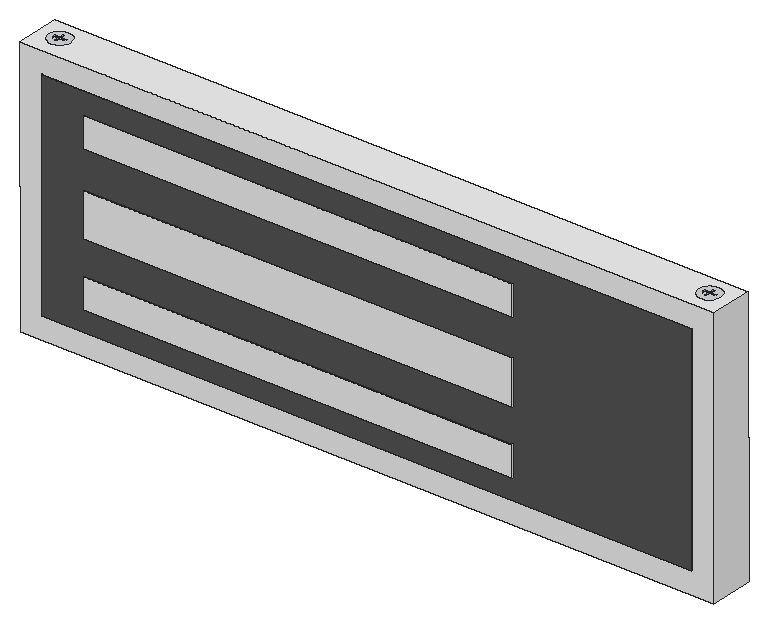
Revit family "DOOR MAGNETIC LOCK", category Security Devices, Revit 2019
Family settings
  Maintain Annotation Orientation = No
  Round Connector Dimension = Use Diameter
  Part Type = Normal
  Work Plane-Based = No
  Always vertical = Yes
  Cut with Voids When Loaded = No
  Shared = No
  Room Calculation Point = No
Parameters
  WIDTH = 76.2 mm
  LENGTH = 203.2 mm
  INTERIOR FINISH [instance] = INTERIOR FINISH
  EXTERIOR FINISH [instance] = EXTERIOR FINISH
  DEPTH = 12.7 mm
  Angle 90 [instance] = yes
  Angle 0 [instance] = yes
Reference planes
  plane 1 "Center (Front/Back)": y = 0
  plane 2: z = 0
  plane 3 "Center (Left/Right)": x = 0
  plane 4: z = 38.1
  plane 5: z = -38.1
  plane 6: x = -101.6
  plane 7: x = 101.6
  plane 8: y = -12.7
  plane 9: y = -6.35
  plane 10: x = -95.25
  plane 11: x = 95.25
  plane 12: z = 31.75
  plane 13: z = -31.75
  plane 14: y = -12.898
  plane 15: z = 25.4
  plane 16: z = 16.669
  plane 17: z = 0
  plane 18: z = -12.7
  plane 19: z = -25.4
  plane 20: x = -82.55
  plane 21: x = 42.863
  plane 22: y = -13.097
Forms (mm)
  Extrusion 1, solid, material "EXTERIOR FINISH" <- "EXTERIOR FINISH"
    sketch origin (0, 0, 0) x (1, 0, 0) y (0, 0, 1)
      loop
        line (-101.6, 38.1) -> (-101.6, -38.1) -> (101.6, -38.1) -> (101.6, 38.1) -> (-101.6, 38.1)
    from 0 to 12.7
  Extrusion 2, solid, material "INTERIOR FINISH" <- "INTERIOR FINISH"
    sketch origin (0, 0, 0) x (1, 0, 0) y (0, 0, 1)
      loop
        line (-95.25, 31.75) -> (-95.25, -31.75) -> (95.25, -31.75) -> (95.25, 31.75) -> (-95.25, 31.75)
    from 12.7 to 12.898
  Extrusion 3, solid, material "EXTERIOR FINISH" <- "EXTERIOR FINISH"
    sketch origin (0, 0, 0) x (1, 0, 0) y (0, 0, 1)
      loop
        line (-82.55, 25.4) -> (-82.55, 16.669) -> (42.863, 16.669) -> (42.863, 25.4) -> (-82.55, 25.4)
      loop
        line (-82.55, 5.815) -> (-82.55, -6.885) -> (42.863, -6.885) -> (42.863, 5.815) -> (-82.55, 5.815)
      loop
        line (-82.55, -16.807) -> (-82.55, -25.538) -> (42.863, -25.538) -> (42.863, -16.807) -> (-82.55, -16.807)
    from 12.898 to 13.097
  Extrusion 4, void
    sketch origin (0, 0, 0) x (1, 0, 0) y (0, 1, 0)
      loop
        circle (-95.25, -6.35) r 1.653
    from 31.75 to 38.1
  Extrusion 5, void
    sketch origin (0, 0, 0) x (-1, 0, 0) y (0, -1, 0)
      loop
        circle (-95.25, 6.35) r 1.653
    from 31.75 to 38.1
Cuts and joins
  Extrusion 4, Extrusion 5 cuts Extrusion 1
Dimensions and locks
  equal spacing: plane 4, level, plane 5
  "WIDTH": plane 4 to plane 5
  equal spacing: plane 7, plane 3 "Center (Left/Right)", plane 6
  "LENGTH": plane 7 to plane 6
  "DEPTH": plane 8 to plane 1 "Center (Front/Back)"
  equal spacing: plane 1 "Center (Front/Back)", plane 9, plane 8
  locked: plane 10 to plane 6 at 6.35
  locked: plane 11 to plane 7 at 6.35
  locked: plane 13 to plane 5 at 6.35
  locked: plane 4 to plane 12 at 6.35
  plane 8 to plane 14 = 0.198 mm
  locked: plane 8 to plane 1 "Center (Front/Back)" at 12.7
  aligned and locked: plane 2 to level
  aligned and locked: Extrusion 1 sketch curve to plane 4
  aligned and locked: plane 6 to Extrusion 1 sketch curve
  aligned and locked: Extrusion 1 sketch curve to plane 5
  aligned and locked: plane 7 to Extrusion 1 sketch curve
  aligned and locked: Extrusion 1 to plane 8
  aligned and locked: Extrusion 1 to plane 1 "Center (Front/Back)"
  aligned and locked: Extrusion 2 sketch curve to plane 12
  aligned and locked: plane 10 to Extrusion 2 sketch curve
  aligned and locked: Extrusion 2 sketch curve to plane 13
  aligned and locked: plane 11 to Extrusion 2 sketch curve
  aligned and locked: Extrusion 2 to plane 14
  aligned and locked: Extrusion 2 to Extrusion 1
  aligned and locked: Extrusion 3 sketch curve to plane 15
  aligned and locked: plane 20 to Extrusion 3 sketch curve
  aligned and locked: plane 16 to Extrusion 3 sketch curve
  aligned and locked: plane 21 to Extrusion 3 sketch curve
  aligned and locked: plane 22 to Extrusion 3
  aligned and locked: Extrusion 1 to Extrusion 4
  aligned and locked: Extrusion 4 to Extrusion 2
  aligned and locked: cut or joined group of Extrusion 1, Extrusion 4, Extrusion 5 to plane 1 "Center (Front/Back)"
  aligned and locked: cut or joined group of Extrusion 1, Extrusion 4, Extrusion 5 to plane 8
  aligned and locked: plane 14 to Extrusion 2
  aligned and locked: Extrusion 3 to plane 22
  aligned and locked: cut or joined group of Extrusion 1, Extrusion 4, Extrusion 5 to plane 6
  aligned and locked: cut or joined group of Extrusion 1, Extrusion 4, Extrusion 5 to plane 7
Automatic sketch dimensions
  Extrusion 3 sketch curve to plane 20 = 0 mm  (x2)
  plane 21 to Extrusion 3 sketch curve = 0 mm  (x2)
  level to Extrusion 3 sketch curve = 5.815 mm
  Extrusion 3 sketch curve to plane 18 = 5.815 mm
  plane 18 to Extrusion 3 sketch curve = 4.107 mm
  plane 19 to Extrusion 3 sketch curve = 0.138 mm
  Extrusion 4 sketch curve to plane 9 = 0 mm
  Extrusion 4 sketch curve to plane 10 = 0 mm
  Extrusion 5 sketch curve to plane 9 = 0 mm
  Extrusion 5 sketch curve to plane 11 = 0 mm
  radius of Extrusion 4 sketch curve = 1.653 mm
  radius of Extrusion 5 sketch curve = 1.653 mm
Nested families
  nested 1: "SCREW" at (95.25, -6.152, 33.278), type "SCREW"
  nested 2: "SCREW" at (-95.25, -6.152, 33.278) x (-1, 0, 0) z (0, 0, 1), type "SCREW"
  nested 3: "Family1" at (0, 0, 0), Angle 0 <- "Angle 0", Angle 90 <- "Angle 90", type "Family1"
Definition of nested family "SCREW"
  Reference planes
    plane 1 "Center (Front/Back)": y = 0
    plane 2: z = 0
    plane 3 "Center (Left/Right)": x = 0
    plane 4: z = 5.02
    plane 5: y = 100.307
    plane 6: y = -100.307
    plane 7: x = 99.808
    plane 8: x = -99.808
    plane 9 "1/16"": x = 1.588
    plane 10: x = -1.587
    plane 11: x = 1.837
    plane 12: x = -1.837
    plane 13: y = -1.439
    plane 14: y = 1.439
    plane 15: z = 3.79
    plane 16: y = 0.397
    plane 17: y = -0.397
    plane 18: x = 0.403
    plane 19: x = -0.403
  Forms (mm)
    Blend 1, solid
      base sketch origin (0, 0, 0) x (1, 0, 0) y (0, 1, 0)
        loop
          circle (0, 0) r 0.794
      top sketch origin (0, 0, 0) x (1, 0, 0) y (0, 1, 0)
        loop
          circle (0, 0) r 3.175
      from 3.79 to 5.02
    Extrusion 2, void
      sketch origin (0, 0, 0) x (1, 0, 0) y (0, 1, 0)
        loop
          line (-1.837, 0.397) -> (-1.837, -0.397) -> (-0.403, -0.397) -> (-0.403, -1.439) -> (0.403, -1.439) -> (0.403, -0.397) -> (1.837, -0.397) -> (1.837, 0.397) -> (0.403, 0.397) -> (0.403, 1.439) -> (-0.403, 1.439) -> (-0.403, 0.397) -> (-1.837, 0.397)
      from 4.799 to 5.02
    Extrusion 3, solid
      sketch origin (0, 0, 0) x (1, 0, 0) y (0, 1, 0)
        loop
          circle (0, 0) r 0.794
      from 3.587 to 3.79
  Cuts and joins
    Extrusion 2 cuts Blend 1
  Dimensions and locks
    equal spacing: plane 6, plane 1 "Center (Front/Back)", plane 5
    equal spacing: plane 8, plane 3 "Center (Left/Right)", plane 7
    plane 8 to plane 7 = 199.615 mm
    plane 3 "Center (Left/Right)" to plane 9 "1/16"" = 1.588 mm
    plane 13 to plane 1 "Center (Front/Back)" = 1.439 mm
    locked: plane 4 to plane 15 at 1.23
    equal spacing: plane 16, plane 1 "Center (Front/Back)", plane 17
    equal spacing: plane 19, plane 3 "Center (Left/Right)", plane 18
    equal spacing: plane 12, plane 3 "Center (Left/Right)", plane 11
    equal spacing: plane 14, plane 1 "Center (Front/Back)", plane 13
    aligned and locked: plane 2 to level
    aligned and locked: Blend 1 to Extrusion 2
    aligned and locked: plane 4 to cut or joined group of Blend 1, Extrusion 2
    aligned and locked: plane 14 to Extrusion 2 sketch curve
    aligned and locked: Extrusion 2 sketch curve to plane 11
    aligned and locked: plane 13 to Extrusion 2 sketch curve
    aligned and locked: Extrusion 2 sketch curve to plane 12
    aligned and locked: Extrusion 2 sketch curve to plane 16  (x2)
    aligned and locked: plane 17 to Extrusion 2 sketch curve  (x2)
    aligned and locked: Extrusion 2 sketch curve to plane 19  (x2)
    aligned and locked: Extrusion 2 sketch curve to plane 18  (x2)
Definition of nested family "Family1"
  Parameters (values of type "Family1")
    Angle 90 [instance] = yes
    Angle 0 [instance] = yes
  Reference planes
    plane 1 "Center (Front/Back)": y = 0
    plane 2: z = 0
    plane 3 "Center (Left/Right)": x = 0
  Lines and regions (mm)
    Filled region 1, type "Concrete", in view "Ref. Level", visible <- "Angle 0"
      outline origin (12.5, 0, 0) x (1, 0, 0) y (0, 1, 0)
        loop
          line (-102.844, -34.453) -> (-102.844, -138.453) -> (-65.956, -138.453)
          arc (-65.956, -138.453) -> (-13.956, -86.453) -> (-65.956, -34.453) r 52
          line (-65.956, -34.453) -> (-102.844, -34.453)
        loop
          line (-65.956, -46.453) -> (-91.286, -46.453) -> (-91.286, -126.453) -> (-65.956, -126.453)
          arc (-65.956, -126.453) -> (-25.956, -86.453) -> (-65.956, -46.453) r 40
    Filled region 2, type "Concrete", in view "Ref. Level", visible <- "Angle 0"
      outline origin (27.5, 2.5, 0) x (1, 0, 0) y (0, 1, 0)
        loop
          line (4.805, -135) -> (68.299, -135) -> (68.299, -122.13) -> (17.149, -122.13) -> (17.149, -40) -> (4.805, -40) -> (4.805, -135)
    Filled region 3, type "Concrete", in view "Ref. Level", visible <- "Angle 90"
      outline origin (351.673, -315.071, 0) x (0, 1, 0) y (-1, 0, 0)
        loop
          line (278.118, 255.057) -> (278.118, 291.945)
          arc (278.118, 291.945) -> (226.118, 343.945) -> (174.118, 291.945) r 52
          line (174.118, 291.945) -> (174.118, 255.057) -> (278.118, 255.057)
        loop
          arc (266.118, 291.945) -> (226.118, 331.945) -> (186.118, 291.945) r 40
          line (186.118, 291.945) -> (186.118, 266.616) -> (266.118, 266.616) -> (266.118, 291.945)
    Filled region 4, type "Concrete", in view "Ref. Level", visible <- "Angle 90"
      outline origin (336.673, -312.571, 0) x (0, 1, 0) y (-1, 0, 0)
        loop
          line (177.571, 362.706) -> (272.571, 362.706) -> (272.571, 375.05) -> (190.441, 375.05) -> (190.441, 426.201) -> (177.571, 426.201) -> (177.571, 362.706)
    Filled region 5, type "Concrete", in view "Ref. Level", visible <- "Angle 90", not visible
      outline origin (351.673, -315.071, 0) x (0, 1, 0) y (-1, 0, 0)
        loop
          line (-34.453, -102.844) -> (-34.453, -65.956)
          arc (-34.453, -65.956) -> (-86.453, -13.956) -> (-138.453, -65.956) r 52
          line (-138.453, -65.956) -> (-138.453, -102.844) -> (-34.453, -102.844)
        loop
          arc (-46.453, -65.956) -> (-86.453, -25.956) -> (-126.453, -65.956) r 40
          line (-126.453, -65.956) -> (-126.453, -91.286) -> (-46.453, -91.286) -> (-46.453, -65.956)
    Filled region 6, type "Concrete", in view "Ref. Level", visible <- "Angle 90", not visible
      outline origin (336.673, -312.571, 0) x (0, 1, 0) y (-1, 0, 0)
        loop
          line (-135, 4.805) -> (-40, 4.805) -> (-40, 17.149) -> (-122.13, 17.149) -> (-122.13, 68.299) -> (-135, 68.299) -> (-135, 4.805)
    Filled region 7, type "Concrete", in view "Ref. Level", visible <- "Angle 0", not visible
      outline origin (12.5, 0, 0) x (1, 0, 0) y (0, 1, 0)
        loop
          line (-102.844, -34.453) -> (-102.844, -138.453) -> (-65.956, -138.453)
          arc (-65.956, -138.453) -> (-13.956, -86.453) -> (-65.956, -34.453) r 52
          line (-65.956, -34.453) -> (-102.844, -34.453)
        loop
          line (-65.956, -46.453) -> (-91.286, -46.453) -> (-91.286, -126.453) -> (-65.956, -126.453)
          arc (-65.956, -126.453) -> (-25.956, -86.453) -> (-65.956, -46.453) r 40
    Filled region 8, type "Concrete", in view "Ref. Level", visible <- "Angle 0", not visible
      outline origin (27.5, 2.5, 0) x (1, 0, 0) y (0, 1, 0)
        loop
          line (4.805, -135) -> (68.299, -135) -> (68.299, -122.13) -> (17.149, -122.13) -> (17.149, -40) -> (4.805, -40) -> (4.805, -135)
    detail lines, in view "Ref. Level"
      curve 1: line (-133, 0, 0) -> (133, 0, 0)
      curve 2: line (-133, -175, 0) -> (-133, 0, 0)
      curve 3: line (133, -175, 0) -> (-133, -175, 0)
      curve 4: line (133, 0, 0) -> (133, -175, 0)
